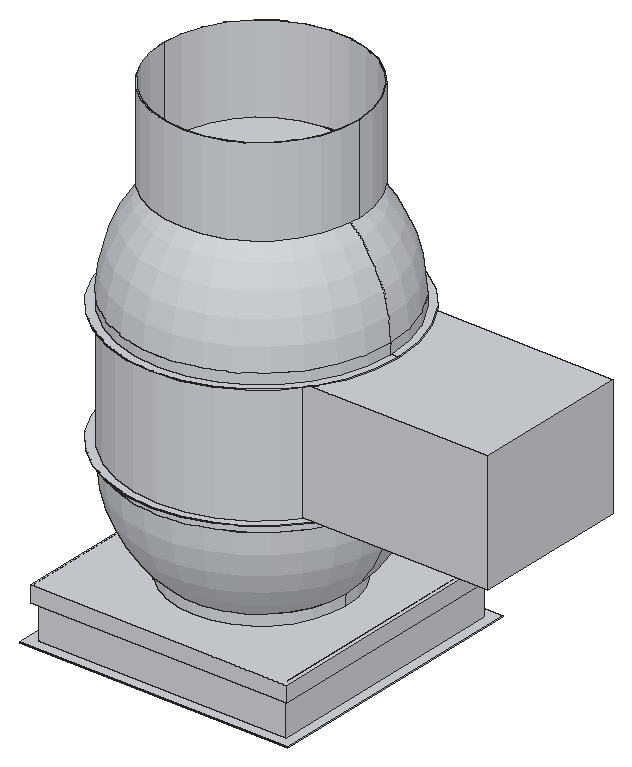
Revit family "UCV-S", category Mechanical Equipment, Revit 2019
Family settings
  Round Connector Dimension = Use Diameter
  Part Type = Normal
  Work Plane-Based = No
  Always vertical = Yes
  Cut with Voids When Loaded = No
  Shared = No
  Room Calculation Point = No
Parameters (values of type "32_UCV-S")
  Unit Weight [instance] = ""
  T_SQ/2 = T_SQ / 2  # 2' - 0"
  T_SQ = 4' - 0"
  Sones [instance] = ""
  RO/2 = RO / 2  # 1' - 9 3/4"
  RO = T_SQ - 0' 4 1/2"  # 3' - 7 1/2"
  N/2 = N / 2  # 1' - 4"
  N = 2' - 8"
  Motor RPM [instance] = ""
  Motor Enclosure [instance] = ""
  ModelID [instance] = ""
  M/2 = M / 2  # 1' - 5 9/16"
  M = 2' - 11 1/8"
  LwA [instance] = ""
  L = 0' - 1 7/16"
  G-.125" = G - 0' 0 1/8"  # 0' - 2 7/8"
  G = 0' - 3"
  Fan RPM [instance] = ""
  F/2 = F / 2  # 1' - 6 1/2"
  F = 3' - 1"
  E = 7' - 1 7/8"
  D = 1' - 6"
  CURB_HEIGHT [instance] = 0' - 9 1/2"
  CURB [instance] = yes
  C/2 = C / 2  # 2' - 0 15/32"
  C*.3 = C * 0.3  # 1' - 2.68125"
  C = 4' - 0 15/16"
  B/2 = B / 2  # 1' - 3"
  B = 2' - 6"
  Accessories [instance] = ""
  A/3 = A / 3  # 1' - 10 5/8"
  A/2 = A / 2  # 2' - 9 15/16"
  A = 5' - 7 7/8"
  3" = 0' - 3"  # constant formula
  Brake Hp [instance] = ""
  4" = 0' - 4"  # constant formula
  2' = 2' - 0"
  2" = 0' - 2"  # constant formula
  1" = 0' - 1"  # constant formula
  0 = 0' - 0"  # constant formula
  Voltage [instance] = 0 V
  URL = "www.lorencook.com"
  Type Comments = "Upblast Centri-Vane Stretch All Aluminum Inline Centrifugal Blower Roof Mounted/Belt Drive"  # constant formula
  Static Pressure [instance] = 0.00 in-wg
  Power [instance] = Voltage * Motor FLA * sqrt(if(Phase = 3, 3, 1))  # 0 VA
  Phase [instance] = 0
  Number of Poles [instance] = 1
  Motor Hp [instance] = "0"
  Motor FLA [instance] = 0 A
  Model = "UCV-S"  # constant formula
  Manufacturer = "Loren Cook Company"
  CFM [instance] = 0 CFM
  1.5 = 0' - 1 1/2"  # constant formula
  ONE EIGTH = 0' - 0 1/8"  # constant formula
  -C*.3 = -C * 0.3  # -1' - 2.68125"
  -B/2 = -B / 2  # -1' - 3"
  (T_SQ/2)+.125" = (T_SQ / 2) + 0' 0 1/8"  # 2' - 0 1/8"
  (C/2)+B = (C / 2) + B  # 4' - 6 15/32"
Types (10): name | T_SQ/2 | T_SQ | RO/2 | RO | N/2 | N | M/2 | M | L | G-.125" | G | F/2 | F | E | D | C/2 | C*.3 | C | B/2 | B | A/3 | A/2 | A | -C*.3 | -B/2 | (T_SQ/2)+.125" | (C/2)+B
  (no name) | 2' - 0" | 4' - 0" | 1' - 9 3/4" | 3' - 7 1/2" | 1' - 4" | 2' - 8" | 1' - 5 9/16" | 2' - 11 1/8" | 0' - 1 7/16" | 0' - 2 7/8" | 0' - 3" | 1' - 6 1/2" | 3' - 1" | 7' - 1 7/8" | 1' - 6" | 2' - 0 15/32" | 1' - 2.68125" | 4' - 0 15/16" | 1' - 3" | 2' - 6" | 1' - 10 5/8" | 2' - 9 15/16" | 5' - 7 7/8" | -1' - 2.68125" | -1' - 3" | 2' - 0 1/8" | 4' - 6 15/32"
  12_UCV-S | 0' - 10" | 1' - 8" | 0' - 7 3/4" | 1' - 3 1/2" | 0' - 6" | 1' - 0" | 0' - 7 5/16" | 1' - 2 5/8" | 0' - 1" | 0' - 1 7/8" | 0' - 2" | 0' - 8" | 1' - 4" | 3' - 4 7/8" | 0' - 8" | 0' - 9 23/32" | 0' - 5.83125" | 1' - 7 7/16" | 0' - 7 1/2" | 1' - 3" | 0' - 10.95833" | 1' - 4 7/16" | 2' - 8 7/8" | -0' - 5.83125" | -0' - 7 1/2" | 0' - 10 1/8" | 2' - 0 23/32"
  14_UCV-S | 1' - 0" | 2' - 0" | 0' - 9 3/4" | 1' - 7 1/2" | 0' - 7" | 1' - 2" | 0' - 8 5/16" | 1' - 4 5/8" | 0' - 1" | 0' - 1 7/8" | 0' - 2" | 0' - 9" | 1' - 6" | 3' - 10" | 0' - 10" | 0' - 11 3/32" | 0' - 6 21/32" | 1' - 10 3/16" | 0' - 8" | 1' - 4" | 1' - 0" | 1' - 6" | 3' - 0" | -0' - 6 21/32" | -0' - 8" | 1' - 0 1/8" | 2' - 3 3/32"
  16_UCV-S | 1' - 2" | 2' - 4" | 0' - 11 3/4" | 1' - 11 1/2" | 0' - 8" | 1' - 4" | 0' - 9 5/16" | 1' - 6 5/8" | 0' - 1" | 0' - 1 7/8" | 0' - 2" | 0' - 10 1/2" | 1' - 9" | 4' - 1 9/16" | 0' - 10" | 1' - 0 25/32" | 0' - 7.66875" | 2' - 1 9/16" | 0' - 8 1/2" | 1' - 5" | 1' - 1 3/16" | 1' - 7 25/32" | 3' - 3 9/16" | -0' - 7.66875" | -0' - 8 1/2" | 1' - 2 1/8" | 2' - 5 25/32"
  18_UCV-S | 1' - 4" | 2' - 8" | 1' - 1 3/4" | 2' - 3 1/2" | 0' - 9" | 1' - 6" | 0' - 10 5/16" | 1' - 8 5/8" | 0' - 1" | 0' - 1 7/8" | 0' - 2" | 0' - 11 1/2" | 1' - 11" | 4' - 7 5/8" | 1' - 0" | 1' - 2 7/32" | 0' - 8 17/32" | 2' - 4 7/16" | 0' - 9 1/2" | 1' - 7" | 1' - 2.54167" | 1' - 9 13/16" | 3' - 7 5/8" | -0' - 8 17/32" | -0' - 9 1/2" | 1' - 4 1/8" | 2' - 9 7/32"
  20_UCV-S | 1' - 4" | 2' - 8" | 1' - 1 3/4" | 2' - 3 1/2" | 0' - 10" | 1' - 8" | 0' - 11 5/16" | 1' - 10 5/8" | 0' - 1" | 0' - 1 7/8" | 0' - 2" | 1' - 0 1/2" | 2' - 1" | 4' - 10 5/8" | 1' - 0" | 1' - 3 19/32" | 0' - 9.35625" | 2' - 7 3/16" | 0' - 9 1/2" | 1' - 7" | 1' - 3.54167" | 1' - 11 5/16" | 3' - 10 5/8" | -0' - 9.35625" | -0' - 9 1/2" | 1' - 4 1/8" | 2' - 10 19/32"
  24_UCV-S | 1' - 6" | 3' - 0" | 1' - 3 3/4" | 2' - 7 1/2" | 1' - 0" | 2' - 0" | 1' - 1 9/16" | 2' - 3 1/8" | 0' - 1 3/16" | 0' - 2 7/8" | 0' - 3" | 1' - 2 1/2" | 2' - 5" | 5' - 7 3/4" | 1' - 2" | 1' - 6 25/32" | 0' - 11.26875" | 3' - 1 9/16" | 0' - 10 1/2" | 1' - 9" | 1' - 5.91667" | 2' - 2 7/8" | 4' - 5 3/4" | -0' - 11.26875" | -0' - 10 1/2" | 1' - 6 1/8" | 3' - 3 25/32"
  28_UCV-S | 1' - 9" | 3' - 6" | 1' - 6 3/4" | 3' - 1 1/2" | 1' - 2" | 2' - 4" | 1' - 3 9/16" | 2' - 7 1/8" | 0' - 1 3/16" | 0' - 2 7/8" | 0' - 3" | 1' - 4 1/2" | 2' - 9" | 6' - 4 3/4" | 1' - 4" | 1' - 9 17/32" | 1' - 0.91875" | 3' - 7 1/16" | 1' - 2 1/2" | 2' - 5" | 1' - 8 1/4" | 2' - 6 3/8" | 5' - 0 3/4" | -1' - 0.91875" | -1' - 2 1/2" | 1' - 9 1/8" | 4' - 2 17/32"
  32_UCV-S | 2' - 0" | 4' - 0" | 1' - 9 3/4" | 3' - 7 1/2" | 1' - 4" | 2' - 8" | 1' - 5 9/16" | 2' - 11 1/8" | 0' - 1 7/16" | 0' - 2 7/8" | 0' - 3" | 1' - 6 1/2" | 3' - 1" | 7' - 1 7/8" | 1' - 6" | 2' - 0 15/32" | 1' - 2.68125" | 4' - 0 15/16" | 1' - 3" | 2' - 6" | 1' - 10 5/8" | 2' - 9 15/16" | 5' - 7 7/8" | -1' - 2.68125" | -1' - 3" | 2' - 0 1/8" | 4' - 6 15/32"
  36_UCV-S | 2' - 3" | 4' - 6" | 2' - 0 3/4" | 4' - 1 1/2" | 1' - 6" | 3' - 0" | 1' - 7 9/16" | 3' - 3 1/8" | 0' - 1 15/16" | 0' - 2 7/8" | 0' - 3" | 1' - 8 1/2" | 3' - 5" | 7' - 9 1/2" | 1' - 8" | 2' - 3 5/16" | 1' - 4.3875" | 4' - 6 5/8" | 1' - 4" | 2' - 8" | 2' - 0 1/2" | 3' - 0 3/4" | 6' - 1 1/2" | -1' - 4.3875" | -1' - 4" | 2' - 3 1/8" | 4' - 11 5/16"
Reference planes (in)
  plane 1 "Center (Front/Back)": y = 0
  plane 2: z = 0
  plane 3 "Center (Left/Right)": x = 0.40541
Forms (in)
  Extrusion 1, solid
    sketch origin (0, 0, 0) x (1, 0, 0) y (0, 1, 0)
      loop
        line (-23.71959, 24.125) -> (-23.71959, -24.125) -> (24.53041, -24.125) -> (24.53041, 24.125) -> (-23.71959, 24.125)
    from 0 to 3 <- "G"
  Extrusion 2, void
    sketch origin (0, 0, 0) x (1, 0, 0) y (0, 1, 0)
      loop
        line (-23.59459, 24) -> (-23.59459, -24) -> (24.40541, -24) -> (24.40541, 24) -> (-23.59459, 24)
    from 0 to 2.875 <- "G-.125""
  Revolve 3, solid
    sketch origin (0, 0, 0) x (1, 0, 0) y (0, 0, 1)
      loop
        line (-15.59459, 5) -> (-15.59459, 3) -> (0.40541, 3) -> (0.40541, 70.875) -> (-15.59459, 70.875) -> (-15.59459, 68.875)
        arc (-15.59459, 68.875) -> (-21.84565, 60.5412) -> (-24.06334, 50.36231) r 24.46875
        line (-24.06334, 50.36231) -> (-24.06334, 23.51269)
        arc (-24.06334, 23.51269) -> (-21.84565, 13.3338) -> (-15.59459, 5) r 24.46875
      axis (0.40541, 70.875) -> (0.40541, 3)
    angle from 0 to 360
  Revolve 4, solid
    sketch origin (0, 0, 0) x (1, 0, 0) y (0, 0, 1)
      loop
        line (-18.09459, 85.875) -> (-18.09459, 69.375) -> (-17.96959, 69.375) -> (-17.96959, 85.875) -> (-18.09459, 85.875)
      axis (0.40541, 69.375) -> (0.40541, 85.875)
    angle from 0 to 360
  Extrusion 5, solid
    sketch origin (0, 0, 0) x (1, 0, 0) y (0, 0, 1)
      loop
        line (0.40541, 48.25) -> (0.40541, 25.625) -> (54.87416, 25.625) -> (54.87416, 48.25) -> (0.40541, 48.25)
    from -14.68125 <- "-C*.3" to 14.68125 <- "C*.3"
  Revolve 6, solid
    sketch origin (0, 0, 0) x (1, 0, 0) y (0, 0, 1)
      loop
        line (24.87416, 48.5) -> (24.87416, 48.375) -> (26.37416, 48.375) -> (26.37416, 48.5) -> (24.87416, 48.5)
      loop
        line (24.87416, 25.5) -> (24.87416, 25.375) -> (26.37416, 25.375) -> (26.37416, 25.5) -> (24.87416, 25.5)
      axis (0.40541, 25.375) -> (0.40541, 48.5)
    angle from 0 to 360
  Extrusion 7, solid, visible <- "CURB"
    sketch origin (0, 0, 2.875) x (0, 1, 0) y (1, 0, 0)
      loop
        line (21.75, -21.34459) -> (21.75, 22.15541) -> (-21.75, 22.15541) -> (-21.75, -21.34459) -> (21.75, -21.34459)
      loop
        line (-23.25, 23.65541) -> (-23.25, -22.84459) -> (23.25, -22.84459) -> (23.25, 23.65541) -> (-23.25, 23.65541)
    from 0 to 9.5 <- "CURB_HEIGHT"
  Extrusion 8, solid, visible <- "CURB"
    sketch origin (0, 0, -6.625) x (-1, 0, 0) y (0, 1, 0)
      loop
        line (22.84459, -23.25) -> (22.84459, 23.25) -> (-23.65541, 23.25) -> (-23.65541, -23.25) -> (22.84459, -23.25)
      loop
        line (-25.65541, 25.25) -> (-25.65541, -25.25) -> (24.84459, -25.25) -> (24.84459, 25.25) -> (-25.65541, 25.25)
    from 0 to -0.125
Cuts and joins
  Extrusion 2 cuts Extrusion 1
Dimensions and locks (in)
  "(T_SQ/2)+.125"": Extrusion 1 sketch curve to plane 3 "Center (Left/Right)"
  "(T_SQ/2)+.125"": plane 3 "Center (Left/Right)" to Extrusion 1 sketch curve
  "(T_SQ/2)+.125"": plane 1 "Center (Front/Back)" to Extrusion 1 sketch curve
  "(T_SQ/2)+.125"": Extrusion 1 sketch curve to plane 1 "Center (Front/Back)"
  "T_SQ/2": Extrusion 2 sketch curve to plane 3 "Center (Left/Right)"
  "T_SQ/2": plane 3 "Center (Left/Right)" to Extrusion 2 sketch curve
  "T_SQ/2": plane 1 "Center (Front/Back)" to Extrusion 2 sketch curve
  "T_SQ/2": Extrusion 2 sketch curve to plane 1 "Center (Front/Back)"
  "0": Revolve 3 sketch curve to cut or joined group of Extrusion 1, Extrusion 2
  "A": Revolve 3 sketch curve to cut or joined group of Extrusion 1, Extrusion 2
  "C/2": plane 3 "Center (Left/Right)" to Revolve 3 sketch curve
  "0": Revolve 3 sketch curve to plane 3 "Center (Left/Right)"  (x2)
  "N/2": Revolve 3 sketch curve to plane 3 "Center (Left/Right)"  (x2)
  "2"": Revolve 3 sketch curve to Revolve 3 sketch curve
  "2"": Revolve 3 sketch curve to cut or joined group of Extrusion 1, Extrusion 2
  "0": Revolve 4 sketch curve to plane 3 "Center (Left/Right)"
  "E": Revolve 4 sketch curve to level
  "1.5": Revolve 3 to Revolve 4 sketch curve
  "ONE EIGTH": Revolve 4 sketch curve to Revolve 4 sketch curve
  "F/2": plane 3 "Center (Left/Right)" to Revolve 4 sketch curve
  "(C/2)+B": Extrusion 5 sketch curve to plane 3 "Center (Left/Right)"
  "0": Extrusion 5 sketch curve to plane 3 "Center (Left/Right)"
  "A/3": Extrusion 5 sketch curve to cut or joined group of Extrusion 1, Extrusion 2
  "A/3": Revolve 3 to Extrusion 5 sketch curve
  "ONE EIGTH": Revolve 6 sketch curve to Extrusion 5
  "ONE EIGTH": Extrusion 5 to Revolve 6 sketch curve
  "ONE EIGTH": Revolve 6 sketch curve to Revolve 6 sketch curve  (x2)
  "C/2": Revolve 6 sketch curve to plane 3 "Center (Left/Right)"  (x2)
  "1.5": Revolve 6 sketch curve to Revolve 6 sketch curve  (x2)
  "0": Revolve 6 sketch curve to plane 3 "Center (Left/Right)"
  "1.5": Extrusion 7 sketch curve to Extrusion 7 sketch curve  (x4)
  "RO/2": Extrusion 7 sketch curve to plane 3 "Center (Left/Right)"
  "RO/2": plane 3 "Center (Left/Right)" to Extrusion 7 sketch curve
  "RO/2": plane 1 "Center (Front/Back)" to Extrusion 7 sketch curve
  "RO/2": Extrusion 7 sketch curve to plane 1 "Center (Front/Back)"
  "2"": Extrusion 8 sketch curve to Extrusion 8 sketch curve  (x4)
  "0": Extrusion 8 sketch curve to Extrusion 7  (x3)
  "0": Extrusion 7 to Extrusion 8 sketch curve
Automatic sketch dimensions
  Revolve 3 sketch curve to plane 3 "Center (Left/Right)" = 0' - 0"  (x2)
  Revolve 3 sketch curve to level = 0' - 0"
  Revolve 3 sketch curve to level = 0' - 11"
  Revolve 4 sketch curve to Revolve 4 sketch curve = 0' - 6.56827"
  Revolve 4 sketch curve to Revolve 4 sketch curve = 0' - 1.43173"
  Revolve 6 sketch curve to Revolve 6 sketch curve = 0' - 0.70833"
  level to Revolve 6 sketch curve = 0' - 4"
Connectors (in)
  electrical at (27.63979, 0, 25.625)
    settings: on Extrusion 5, index 2, voltage 0 V, apparent load 0 VA, apparent load phase1 0 VA, apparent load phase2 0 VA, apparent load phase3 0 VA, power factor 1, load classification "Other", number of poles 1, system type 30, power factor state 1, is connector primary yes, connector utility no, sub classification motor no, connector description ""
  hvac at (0.40541, 0, 2.875), driven by "RO", driven by "RO", driven by "CFM"
    settings: on cut or joined group of Extrusion 1, Extrusion 2, index 3, duct flow 0 CFM, flow factor 0, pres drop 0.00 in-wg, loss coef 0, conn angle 0.00°, conn width 43 1/2", conn height 43 1/2", conn diameter 24", duct sys type 3, conn prof type 1, flow config 0, flow direction 1, loss method 0, conn ref index -1, conn util no, is conn primary yes, conn desc ""
